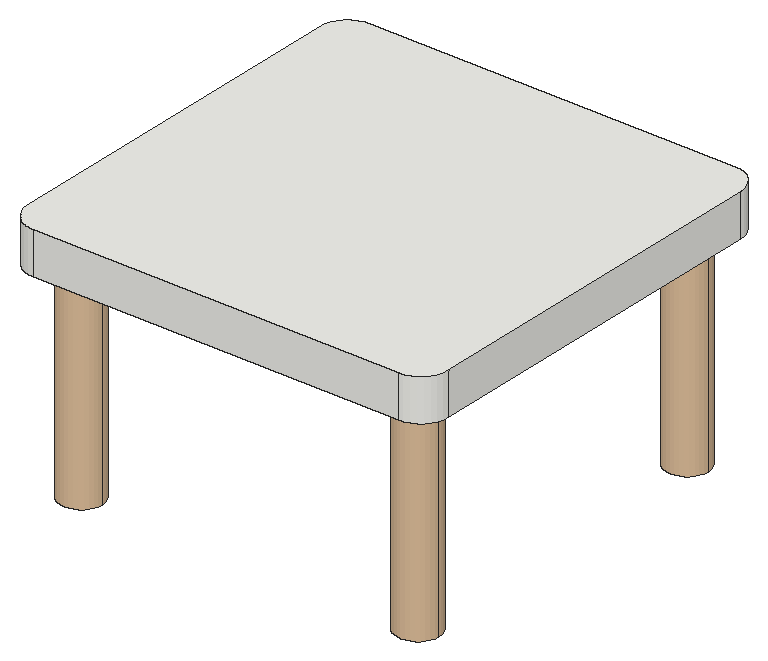
Revit family "rac_basic_sample_family1", category Furniture, Revit 2016
Family settings
  OmniClass Number = 23.40.20.14.17
  OmniClass Title = Residential Tables and Cabinets
  Seek Item ID = Table-End-0000-CAN-ENU
  Work Plane-Based = No
  Always vertical = Yes
  Cut with Voids When Loaded = No
  Shared = Yes
  Room Calculation Point = No
Parameters (values of type "0762 x 0762mm")
  Base Material = Wood - Birch
  Height = 457.00 mm
  Length = 762.00 mm
  Top Material = Laminate - Ivory, Matte
  Width = 762.00 mm
Types (4, lengths in mm): name | Height | Length | Width
  (no name) | 457.00 | 762.00 | 762.00
  0610 x 0160mm | 762.00 | 610.00 | 610.00
  0762 x 0762mm | 457.00 | 762.00 | 762.00
  0610 x 0915mm | 762.00 | 610.00 | 915.00
Reference planes
  plane 1: y = 152.4
  plane 2: z = 0
  plane 3 "Left": x = 3.734
  plane 4 "Right": x = 765.734
  plane 5 "Back": y = 533.4
  plane 6 "Front": y = -228.6
  plane 7: x = 384.734
Forms (mm)
  Extrusion 1, solid, material "Laminate - Ivory, Matte" <- "Top Material"
    sketch origin (0, 0, 0) x (1, 0, 0) y (0, 1, 0)
      loop
        line (54.534, -228.6) -> (714.934, -228.6)
        arc (714.934, -228.6) -> (750.855, -213.721) -> (765.734, -177.8) r 50.8
        line (765.734, -177.8) -> (765.734, 482.6)
        arc (765.734, 482.6) -> (750.855, 518.521) -> (714.934, 533.4) r 50.8
        line (714.934, 533.4) -> (54.534, 533.4)
        arc (54.534, 533.4) -> (18.613, 518.521) -> (3.734, 482.6) r 50.8
        line (3.734, 482.6) -> (3.734, -177.8)
        arc (3.734, -177.8) -> (18.613, -213.721) -> (54.534, -228.6) r 50.8
    from 380.8 to 457
  Extrusion 2, solid, material "Wood - Birch" <- "Base Material"
    sketch origin (0, 0, 0) x (1, 0, 0) y (0, 1, 0)
      loop
        circle (79.934, 457.2) r 38.1
      loop
        circle (79.934, -152.4) r 38.1
      loop
        circle (689.534, -152.4) r 38.1
      loop
        circle (689.534, 457.2) r 38.1
    from 0 to 380.8
Lines and regions (mm)
  Masking region 1
    outline origin (0, 0, 0) x (1, 0, 0) y (0, 1, 0)
      loop
        arc (54.534, 533.4) -> (18.613, 518.521) -> (3.734, 482.6) r 50.8
        line (3.734, 482.6) -> (3.734, -177.8)
        arc (3.734, -177.8) -> (18.613, -213.721) -> (54.534, -228.6) r 50.8
        line (54.534, -228.6) -> (714.934, -228.6)
        arc (714.934, -228.6) -> (750.855, -213.721) -> (765.734, -177.8) r 50.8
        line (765.734, -177.8) -> (765.734, 482.6)
        arc (765.734, 482.6) -> (750.855, 518.521) -> (714.934, 533.4) r 50.8
        line (714.934, 533.4) -> (54.534, 533.4)
Dimensions and locks
  locked: Extrusion 1 to Extrusion 1 at 76.2
  "Height": Extrusion 1 to plane 2
  locked: Extrusion 1 to Extrusion 2 sketch curve at 76.2  (x8)
  "Width": plane 5 "Back" to plane 6 "Front"
  "Length": plane 3 "Left" to plane 4 "Right"
  equal spacing: plane 5 "Back", plane 1, plane 6 "Front"
  equal spacing: plane 3 "Left", plane 7, plane 4 "Right"
  radius of Extrusion 1 sketch curve = 50.80 mm  (x4)
  aligned and locked: plane 2 to level
  aligned and locked: plane 6 "Front" to Extrusion 1 sketch curve
  aligned and locked: Extrusion 2 to Extrusion 1
  aligned and locked: Masking region 1 sketch curve to plane 5 "Back"
  aligned and locked: plane 3 "Left" to Masking region 1 sketch curve
  aligned and locked: plane 4 "Right" to Masking region 1 sketch curve
  aligned and locked: Masking region 1 sketch curve to plane 6 "Front"
  aligned: Masking region 1 sketch curve to Extrusion 1
Automatic sketch dimensions
  Extrusion 2 sketch curve to Extrusion 2 sketch curve = 38.10 mm  (x4)
  Extrusion 1 sketch curve to plane 3 "Left" = 0.00 mm
  Extrusion 1 sketch curve to plane 4 "Right" = 0.00 mm
  Extrusion 1 sketch curve to plane 5 "Back" = 0.00 mm
  plane 3 "Left" to Masking region 1 sketch curve = 50.80 mm  (x2)
  plane 4 "Right" to Masking region 1 sketch curve = 50.80 mm  (x2)
